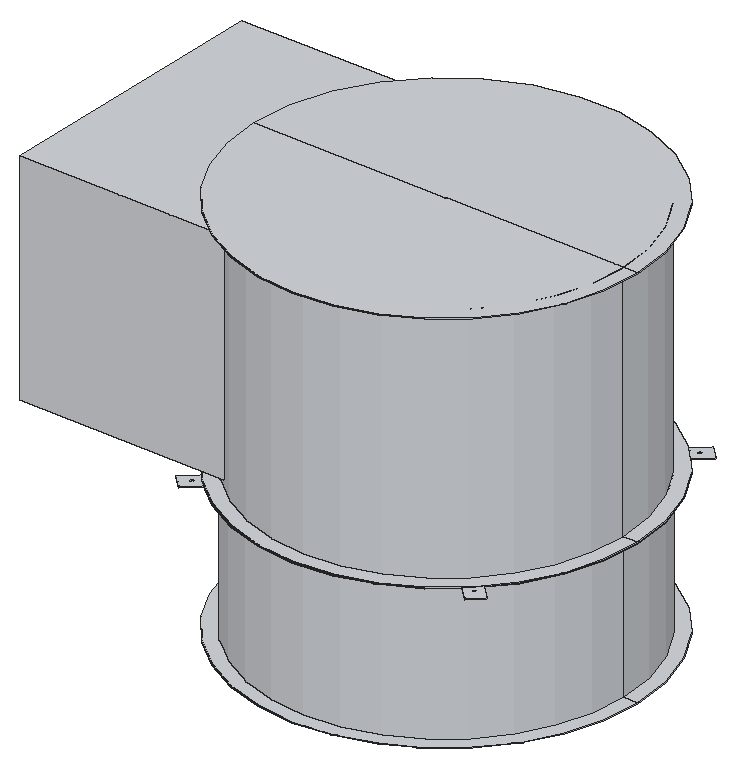
Revit family "AFBV-C_Downblast_Floor_Mount", category Mechanical Equipment, Revit 2019
Family settings
  Round Connector Dimension = Use Radius
  Part Type = Normal
  Work Plane-Based = No
  Always vertical = Yes
  Cut with Voids When Loaded = No
  Shared = No
  Room Calculation Point = No
Parameters (values of type "60_AFBV-C_DOWNBLAST_FLOOR")
  VANE = 2' - 1"
  Unit Weight [instance] = ""
  ModelID [instance] = ""
  L/2 = L / 2  # 2' - 0 17/32"
  L = 4' - 1 1/16"
  K/2 = K / 2  # 0' - 0 7/32"
  K = 0' - 0 7/16"
  J/2 = J / 2  # 2' - 10 11/16"
  Accessories [instance] = ""
  45 = 45.00°  # constant formula
  (L-1")/2 = (L - 0' 1") / 2  # 2' - 0 1/32"
  (J+(J-A))/2 = (J + ((J - A) / 2)) / 2  # 3' - 0 11/16"
  J = 5' - 9 3/8"
  CENTER = 0' - 0"  # constant formula
  H-(A/2) = H - (A / 2)  # 2' - 0 1/16"
  H+J = H + CENTER  # 4' - 6 3/4"
  H = 4' - 6 3/4"
  Sones [instance] = ""
  Motor RPM [instance] = ""
  Motor Enclosure [instance] = ""
  LwA [instance] = ""
  G = 12' - 0"
  Fan RPM [instance] = ""
  F/2 = F / 2  # 0' - 1 1/2"
  F = 0' - 3"
  E/2 = E / 2  # 1' - 9"
  E-2" = E - 0' 2"  # 3' - 4"
  E = 3' - 6"
  C/2+J = C / 2 + CENTER  # 2' - 7 13/16"
  C/2 = C / 2  # 2' - 7 13/16"
  C = 5' - 3 5/8"
  B/2 = B / 2  # 2' - 9 3/8"
  B = 5' - 6 3/4"
  A/3 = A / 2.5  # 2' - 0.55"
  A/2 = A / 2  # 2' - 6 11/16"
  A = 5' - 1 3/8"
  60 = 60.00°  # constant formula
  30 = 30.00°  # constant formula
  3" = 0' - 3"  # constant formula
  Brake Hp [instance] = ""
  4" = 0' - 4"  # constant formula
  2' = 2' - 0"
  2" = 0' - 2"  # constant formula
  1" = 0' - 1"  # constant formula
  0 = 0' - 0"  # constant formula
  Voltage [instance] = 0 V
  URL = "www.lorencook.com"
  Type Comments = "Tube Axial Fan Downblast Floor Mount Belt Drive Arrangement 9"  # constant formula
  Static Pressure [instance] = 0.00 in-wg
  Power [instance] = Voltage * Motor FLA * sqrt(if(Phase = 3, 3, 1))  # 0 VA
  Phase [instance] = 0
  Number of Poles [instance] = 1
  Motor Hp [instance] = "0"
  Motor FLA [instance] = 0 A
  Model = "AFBV-C"  # constant formula
  Manufacturer = "Loren Cook Company"
  CFM [instance] = 0 CFM
  1.5 = 0' - 1 1/2"  # constant formula
  ONE EIGTH = 0' - 0 1/8"  # constant formula
  -E/2 = -E / 2  # -1' - 9"
  -(E-.25")/2 = -(E - 0' 0 1/4") / 2  # -1' - 8 7/8"
  (K/2)-((J-A-.25")/2) = (K / 2) - ((J - A - 0' 0 1/4") / 2)  # -0' - 3 21/32"
  (J-A-.25") = (J - A - 0' 0 1/4")  # 0' - 7 3/4"
  (H-(A/2))/2 = (H - (A / 2)) / 2  # 1' - 0 1/32"
  (E-.25")/2 = (E - 0' 0 1/4") / 2  # 1' - 8 7/8"
  (A+.25")/2 = (A + 0' 0 1/4") / 2  # 2' - 6 13/16"
Types (12): name | VANE | L/2 | L | K/2 | K | J/2 | (L-1")/2 | (J+(J-A))/2 | J | H-(A/2) | H+J | H | G | F/2 | F | E/2 | E-2" | E | C/2+J | C/2 | C | B/2 | B | A/3 | A/2 | A | -E/2 | -(E-.25")/2 | (K/2)-((J-A-.25")/2) | (J-A-.25") | (H-(A/2))/2 | (E-.25")/2 | (A+.25")/2
  (no name) | 2' - 1" | 2' - 0 17/32" | 4' - 1 1/16" | 0' - 0 7/32" | 0' - 0 7/16" | 2' - 10 11/16" | 2' - 0 1/32" | 3' - 0 11/16" | 5' - 9 3/8" | 2' - 0 1/16" | 4' - 6 3/4" | 4' - 6 3/4" | 12' - 0" | 0' - 1 1/2" | 0' - 3" | 1' - 9" | 3' - 4" | 3' - 6" | 2' - 7 13/16" | 2' - 7 13/16" | 5' - 3 5/8" | 2' - 9 3/8" | 5' - 6 3/4" | 2' - 0.55" | 2' - 6 11/16" | 5' - 1 3/8" | -1' - 9" | -1' - 8 7/8" | -0' - 3 21/32" | 0' - 7 3/4" | 1' - 0 1/32" | 1' - 8 7/8" | 2' - 6 13/16"
  12_AFBV-C_DOWNBLAST_FLOOR | 0' - 6" | 0' - 6 3/8" | 1' - 0 3/4" | 0' - 0 3/16" | 0' - 0 3/8" | 0' - 9 1/32" | 0' - 5 7/8" | 0' - 10 21/64" | 1' - 6 1/16" | 1' - 6 3/16" | 2' - 0 5/8" | 2' - 0 5/8" | 6' - 0" | 0' - 0 5/32" | 0' - 0 5/16" | 0' - 11" | 1' - 8" | 1' - 10" | 0' - 7 5/16" | 0' - 7 5/16" | 1' - 2 5/8" | 0' - 7 13/16" | 1' - 3 5/8" | 0' - 5.15" | 0' - 6 7/16" | 1' - 0 7/8" | -0' - 11" | -0' - 10 7/8" | -0' - 2 9/32" | 0' - 4 15/16" | 0' - 9 3/32" | 0' - 10 7/8" | 0' - 6 9/16"
  16_AFBV-C_DOWNBLAST_FLOOR | 0' - 10" | 0' - 7 13/16" | 1' - 3 5/8" | 0' - 0 3/16" | 0' - 0 3/8" | 0' - 11 1/32" | 0' - 7 5/16" | 1' - 0 21/64" | 1' - 10 1/16" | 1' - 9 11/16" | 2' - 6 1/8" | 2' - 6 1/8" | 6' - 0" | 0' - 0 5/32" | 0' - 0 5/16" | 1' - 0 1/2" | 1' - 11" | 2' - 1" | 0' - 9 5/16" | 0' - 9 5/16" | 1' - 6 5/8" | 0' - 9 13/16" | 1' - 7 5/8" | 0' - 6 3/4" | 0' - 8 7/16" | 1' - 4 7/8" | -1' - 0 1/2" | -1' - 0 3/8" | -0' - 2 9/32" | 0' - 4 15/16" | 0' - 10 27/32" | 1' - 0 3/8" | 0' - 8 9/16"
  18_AFBV-C_DOWNBLAST_FLOOR | 0' - 11" | 0' - 8 1/2" | 1' - 5" | 0' - 0 3/16" | 0' - 0 3/8" | 1' - 0 1/32" | 0' - 8" | 1' - 1 21/64" | 2' - 0 1/16" | 1' - 9 11/16" | 2' - 7 1/8" | 2' - 7 1/8" | 6' - 0" | 0' - 0 5/32" | 0' - 0 5/16" | 1' - 0 1/2" | 1' - 11" | 2' - 1" | 0' - 10 5/16" | 0' - 10 5/16" | 1' - 8 5/8" | 0' - 10 13/16" | 1' - 9 5/8" | 0' - 7.55" | 0' - 9 7/16" | 1' - 6 7/8" | -1' - 0 1/2" | -1' - 0 3/8" | -0' - 2 9/32" | 0' - 4 15/16" | 0' - 10 27/32" | 1' - 0 3/8" | 0' - 9 9/16"
  24_AFBV-C_DOWNBLAST_FLOOR | 1' - 1" | 0' - 10 7/8" | 1' - 9 3/4" | 0' - 0 3/16" | 0' - 0 3/8" | 1' - 3 13/32" | 0' - 10 3/8" | 1' - 4 57/64" | 2' - 6 13/16" | 2' - 3 7/16" | 3' - 3 7/8" | 3' - 3 7/8" | 6' - 0" | 0' - 0 7/32" | 0' - 0 7/16" | 1' - 3 1/2" | 2' - 5" | 2' - 7" | 1' - 1 7/16" | 1' - 1 7/16" | 2' - 2 7/8" | 1' - 2 9/16" | 2' - 5 1/8" | 0' - 9.95" | 1' - 0 7/16" | 2' - 0 7/8" | -1' - 3 1/2" | -1' - 3 3/8" | -0' - 2 21/32" | 0' - 5 11/16" | 1' - 1 23/32" | 1' - 3 3/8" | 1' - 0 9/16"
  28_AFBV-C_DOWNBLAST_FLOOR | 1' - 1" | 1' - 0 5/16" | 2' - 0 5/8" | 0' - 0 3/16" | 0' - 0 3/8" | 1' - 5 13/32" | 0' - 11 13/16" | 1' - 6 57/64" | 2' - 10 13/16" | 2' - 3 7/16" | 3' - 5 7/8" | 3' - 5 7/8" | 6' - 0" | 0' - 0 7/32" | 0' - 0 7/16" | 1' - 3 1/2" | 2' - 5" | 2' - 7" | 1' - 3 7/16" | 1' - 3 7/16" | 2' - 6 7/8" | 1' - 4 9/16" | 2' - 9 1/8" | 0' - 11.55" | 1' - 2 7/16" | 2' - 4 7/8" | -1' - 3 1/2" | -1' - 3 3/8" | -0' - 2 21/32" | 0' - 5 11/16" | 1' - 1 23/32" | 1' - 3 3/8" | 1' - 2 9/16"
  32_AFBV-C_DOWNBLAST_FLOOR | 1' - 3" | 1' - 2 1/8" | 2' - 4 1/4" | 0' - 0 7/32" | 0' - 0 7/16" | 1' - 7 31/32" | 1' - 1 5/8" | 1' - 9 45/64" | 3' - 3 15/16" | 2' - 4 3/4" | 3' - 9 1/4" | 3' - 9 1/4" | 6' - 0" | 0' - 0 7/32" | 0' - 0 7/16" | 1' - 5" | 2' - 8" | 2' - 10" | 1' - 5 1/2" | 1' - 5 1/2" | 2' - 11" | 1' - 6 5/8" | 3' - 1 1/4" | 1' - 1.2" | 1' - 4 1/2" | 2' - 9" | -1' - 5" | -1' - 4 7/8" | -0' - 3 1/8" | 0' - 6 11/16" | 1' - 2 3/8" | 1' - 4 7/8" | 1' - 4 5/8"
  36_AFBV-C_DOWNBLAST_FLOOR | 1' - 4" | 1' - 3 17/32" | 2' - 7 1/16" | 0' - 0 7/32" | 0' - 0 7/16" | 1' - 9 31/32" | 1' - 3 1/32" | 1' - 11 45/64" | 3' - 7 15/16" | 2' - 4 3/4" | 3' - 11 1/4" | 3' - 11 1/4" | 6' - 0" | 0' - 0 7/32" | 0' - 0 7/16" | 1' - 5" | 2' - 8" | 2' - 10" | 1' - 7 1/2" | 1' - 7 1/2" | 3' - 3" | 1' - 8 11/16" | 3' - 5 3/8" | 1' - 2.8" | 1' - 6 1/2" | 3' - 1" | -1' - 5" | -1' - 4 7/8" | -0' - 3 1/8" | 0' - 6 11/16" | 1' - 2 3/8" | 1' - 4 7/8" | 1' - 6 5/8"
  44_AFBV-C_DOWNBLAST_FLOOR | 1' - 7" | 1' - 6 3/8" | 3' - 0 3/4" | 0' - 0 7/32" | 0' - 0 7/16" | 2' - 2" | 1' - 5 7/8" | 2' - 3 3/4" | 4' - 4" | 3' - 0 1/4" | 4' - 10 3/4" | 4' - 10 3/4" | 12' - 0" | 0' - 0 7/32" | 0' - 0 7/16" | 1' - 9" | 3' - 4" | 3' - 6" | 1' - 11 3/4" | 1' - 11 3/4" | 3' - 11 1/2" | 2' - 0 11/16" | 4' - 1 3/8" | 1' - 6" | 1' - 10 1/2" | 3' - 9" | -1' - 9" | -1' - 8 7/8" | -0' - 3 5/32" | 0' - 6 3/4" | 1' - 6 1/8" | 1' - 8 7/8" | 1' - 10 5/8"
  48_AFBV-C_DOWNBLAST_FLOOR | 1' - 10" | 1' - 8 3/16" | 3' - 4 3/8" | 0' - 0 7/32" | 0' - 0 7/16" | 2' - 4 9/16" | 1' - 7 11/16" | 2' - 6 9/16" | 4' - 9 1/8" | 3' - 0 3/16" | 5' - 0 3/4" | 5' - 0 3/4" | 12' - 0" | 0' - 0 7/32" | 0' - 0 7/16" | 1' - 9" | 3' - 4" | 3' - 6" | 2' - 1 13/16" | 2' - 1 13/16" | 4' - 3 5/8" | 2' - 2 3/4" | 4' - 5 1/2" | 1' - 7.65" | 2' - 0 9/16" | 4' - 1 1/8" | -1' - 9" | -1' - 8 7/8" | -0' - 3 21/32" | 0' - 7 3/4" | 1' - 6 3/32" | 1' - 8 7/8" | 2' - 0 11/16"
  54_AFBV-C_DOWNBLAST_FLOOR | 1' - 11" | 1' - 10 1/2" | 3' - 9" | 0' - 0 7/32" | 0' - 0 7/16" | 2' - 7 13/16" | 1' - 10" | 2' - 9 7/8" | 5' - 3 5/8" | 2' - 0 1/16" | 4' - 3 3/4" | 4' - 3 3/4" | 12' - 0" | 0' - 0 7/32" | 0' - 0 7/16" | 1' - 9" | 3' - 4" | 3' - 6" | 2' - 4 13/16" | 2' - 4 13/16" | 4' - 9 5/8" | 2' - 6 3/8" | 5' - 0 3/4" | 1' - 10.15" | 2' - 3 11/16" | 4' - 7 3/8" | -1' - 9" | -1' - 8 7/8" | -0' - 3 25/32" | 0' - 8" | 1' - 0 1/32" | 1' - 8 7/8" | 2' - 3 13/16"
  60_AFBV-C_DOWNBLAST_FLOOR | 2' - 1" | 2' - 0 17/32" | 4' - 1 1/16" | 0' - 0 7/32" | 0' - 0 7/16" | 2' - 10 11/16" | 2' - 0 1/32" | 3' - 0 11/16" | 5' - 9 3/8" | 2' - 0 1/16" | 4' - 6 3/4" | 4' - 6 3/4" | 12' - 0" | 0' - 1 1/2" | 0' - 3" | 1' - 9" | 3' - 4" | 3' - 6" | 2' - 7 13/16" | 2' - 7 13/16" | 5' - 3 5/8" | 2' - 9 3/8" | 5' - 6 3/4" | 2' - 0.55" | 2' - 6 11/16" | 5' - 1 3/8" | -1' - 9" | -1' - 8 7/8" | -0' - 3 21/32" | 0' - 7 3/4" | 1' - 0 1/32" | 1' - 8 7/8" | 2' - 6 13/16"
Reference planes (in)
  plane 1 "Center (Front/Back)": y = 0
  plane 2: z = 0
  plane 3 "Center (Left/Right)": x = 0.40541
Forms (in)
  Revolve 1, solid
    sketch origin (0, 0, 0) x (1, 0, 0) y (0, 0, 1)
      loop
        line (0.40541, -21) -> (33.78041, -21) -> (33.78041, -20.875) -> (31.21791, -20.875) -> (31.21791, 20.875) -> (33.78041, 20.875) -> (33.78041, 21) -> (0.40541, 21) -> (0.40541, -21)
      axis (0.40541, -21) -> (0.40541, 21)
    angle from 0 to 360
  Extrusion 2, solid
    sketch origin (0.40541, 0, 20.875) x (1, 0, 0) y (0, -1, 0)
      loop
        arc (-19.28495, -24.03125) -> (-30.8125, 0) -> (-19.28495, 24.03125) r 30.8125
        line (-19.28495, 24.03125) -> (-54.75, 24.03125) -> (-54.75, -24.03125) -> (-19.28495, -24.03125)
    from 40 <- "E-2"" to 2
  Extrusion 3, void
    sketch origin (0, 0, 0) x (1, 0, 0) y (0, 1, 0)
      loop
        circle (0.40541, 0) r 0.125
    from -21 <- "-E/2" to 21 <- "E/2"
  Extrusion 4, solid
    sketch origin (0.40541, 0, -20.875) x (1, 0, 0) y (0, 1, 0)
      loop
        arc (-24.85963, 26.98095) -> (-25.94198, 25.94198) -> (-26.98095, 24.85963) r 36.6875
        line (-26.98095, 24.85963) -> (-24.6365, 22.51518)
        arc (-24.6365, 22.51518) -> (-23.59969, 23.59969) -> (-22.51518, 24.6365) r 33.375
        line (-22.51518, 24.6365) -> (-24.85963, 26.98095)
      loop
        arc (24.85963, -26.98095) -> (25.94198, -25.94198) -> (26.98095, -24.85963) r 36.6875
        line (26.98095, -24.85963) -> (24.6365, -22.51518)
        arc (24.6365, -22.51518) -> (23.59969, -23.59969) -> (22.51518, -24.6365) r 33.375
        line (22.51518, -24.6365) -> (24.85963, -26.98095)
      loop
        arc (-26.98095, -24.85963) -> (-25.94198, -25.94198) -> (-24.85963, -26.98095) r 36.6875
        line (-24.85963, -26.98095) -> (-22.51518, -24.6365)
        arc (-22.51518, -24.6365) -> (-23.59969, -23.59969) -> (-24.6365, -22.51518) r 33.375
        line (-24.6365, -22.51518) -> (-26.98095, -24.85963)
      loop
        arc (26.98095, 24.85963) -> (25.94198, 25.94198) -> (24.85963, 26.98095) r 36.6875
        line (24.85963, 26.98095) -> (22.51518, 24.6365)
        arc (22.51518, 24.6365) -> (23.59969, 23.59969) -> (24.6365, 22.51518) r 33.375
        line (24.6365, 22.51518) -> (26.98095, 24.85963)
    from 0 to -0.125
  Extrusion 5, void
    sketch origin (0, 0, 0) x (1, 0, 0) y (0, 1, 0)
      loop
        circle (24.93666, 24.53125) r 0.21875
      loop
        circle (-24.12584, 24.53125) r 0.21875
      loop
        circle (-24.12584, -24.53125) r 0.21875
      loop
        circle (24.93666, -24.53125) r 0.21875
    from 21 <- "E/2" to -21 <- "-E/2"
  Revolve 6, solid
    sketch origin (0, 0, 0) x (1, 0, 0) y (0, 0, 1)
      loop
        line (31.34291, -21.125) -> (33.78041, -21.125) -> (33.78041, -21) -> (31.21791, -21) -> (31.21791, -46) -> (33.78041, -46) -> (33.78041, -45.875) -> (31.34291, -45.875) -> (31.34291, -21.125)
      axis (0.40541, -46) -> (0.40541, -21)
    angle from 0 to 360
Cuts and joins
  Extrusion 3, Extrusion 5 cuts Revolve 1
  Extrusion 3, Extrusion 5 cuts Extrusion 2
  Extrusion 5 cuts Extrusion 4
Dimensions and locks (in)
  "0": Revolve 1 sketch curve to plane 3 "Center (Left/Right)"  (x2)
  "(A+.25")/2": Revolve 1 sketch curve to plane 3 "Center (Left/Right)"
  "B/2": Revolve 1 sketch curve to plane 3 "Center (Left/Right)"  (x2)
  "ONE EIGTH": Revolve 1 sketch curve to Revolve 1 sketch curve  (x2)
  "E": Revolve 1 sketch curve to Revolve 1 sketch curve
  "E/2": level to Revolve 1 sketch curve
  "H": Extrusion 2 sketch curve to plane 3 "Center (Left/Right)"
  "(L-1")/2": Extrusion 2 sketch curve to plane 1 "Center (Front/Back)"  (x2)
  "0": Extrusion 2 sketch curve to plane 3 "Center (Left/Right)"
  "0": Extrusion 2 sketch curve to plane 1 "Center (Front/Back)"
  "0": Extrusion 3 sketch curve to plane 3 "Center (Left/Right)"
  "0": plane 1 "Center (Front/Back)" to Extrusion 3 sketch curve
  "0": Extrusion 4 sketch curve to plane 3 "Center (Left/Right)"  (x8)
  "0": Extrusion 4 sketch curve to plane 1 "Center (Front/Back)"  (x8)
  "1.5": plane 3 "Center (Left/Right)" to Extrusion 4 sketch curve  (x3)
  "3"": Extrusion 4 sketch curve to Extrusion 4 sketch curve  (x4)
  "1.5": Extrusion 4 sketch curve to plane 3 "Center (Left/Right)"
  "L/2": plane 3 "Center (Left/Right)" to Extrusion 5 sketch curve  (x4)
  "L/2": plane 1 "Center (Front/Back)" to Extrusion 5 sketch curve  (x4)
  "0": Revolve 6 sketch curve to plane 3 "Center (Left/Right)"
  "ONE EIGTH": Revolve 6 sketch curve to Revolve 6 sketch curve  (x3)
  "0": cut or joined group of Extrusion 4, Extrusion 5 to Revolve 6 sketch curve
  "VANE": Revolve 6 sketch curve to Revolve 6 sketch curve
  "B/2": Revolve 6 sketch curve to plane 3 "Center (Left/Right)"  (x2)
  "(A+.25")/2": Revolve 6 sketch curve to plane 3 "Center (Left/Right)"
  "(A+.25")/2": radius of Extrusion 2 sketch curve
  "ONE EIGTH": radius of Extrusion 3 sketch curve
  "(J+(J-A))/2": radius of Extrusion 4 sketch curve  (x4)
  "B/2": radius of Extrusion 4 sketch curve  (x4)
  "K/2": radius of Extrusion 5 sketch curve  (x4)
  "45": angle Extrusion 4 sketch curve to plane 3 "Center (Left/Right)"
  "45": angle Extrusion 4 sketch curve to plane 1 "Center (Front/Back)"  (x2)
  "45": angle plane 1 "Center (Front/Back)" to Extrusion 4 sketch curve
Automatic sketch dimensions
  Revolve 1 sketch curve to Revolve 1 sketch curve = 0' - 0"
  Revolve 1 sketch curve to Revolve 1 sketch curve = 1' - 6"
  Extrusion 2 sketch curve to Extrusion 2 sketch curve = 0' - 0"
  Revolve 6 sketch curve to level = 0' - 4.45371"
  level to Revolve 6 sketch curve = 0' - 4.54629"
Connectors (in)
  electrical at (-36.61206, -24.03125, -0.125)
    settings: on Extrusion 2, index 1, voltage 0 V, apparent load 0 VA, apparent load phase1 0 VA, apparent load phase2 0 VA, apparent load phase3 0 VA, power factor 1, load classification "Other", number of poles 1, system type 30, power factor state 1, is connector primary yes, connector utility no, sub classification motor no, connector description ""
  hvac at (0.40541, 0, 20.875), driven by "A/2"
    settings: on Revolve 1, index 2, duct flow 0 CFM, flow factor 0, pres drop 0.00 in-wg, loss coef 0, conn angle 0.00°, conn width 12", conn height 12", conn diameter 61 3/8", duct sys type 29, conn prof type 0, flow config 0, flow direction 1, loss method 0, conn ref index -1, conn util no, is conn primary yes, conn desc ""
  hvac at (0.40541, 0, -46), driven by "A/2"
    settings: on Revolve 6, index 3, duct flow 0 CFM, flow factor 0, pres drop 0.00 in-wg, loss coef 0, conn angle 0.00°, conn width 12", conn height 12", conn diameter 61 3/8", duct sys type 29, conn prof type 0, flow config 0, flow direction 2, loss method 0, conn ref index -1, conn util no, is conn primary no, conn desc ""
